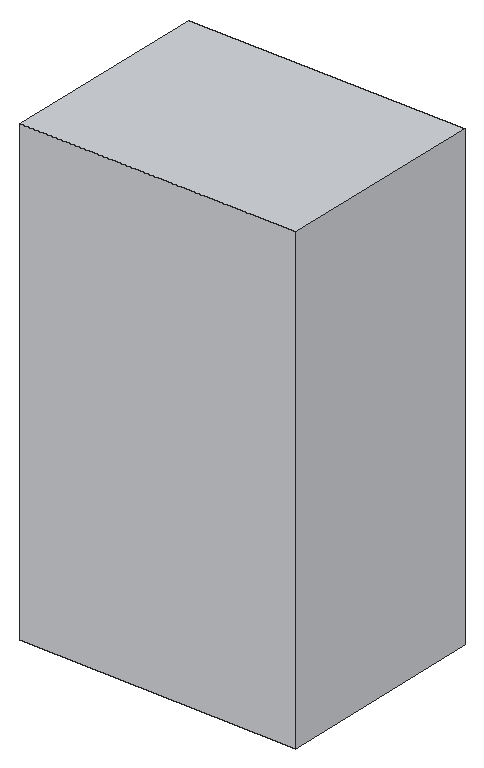
Revit family
Parameters
  Warranty Duration (Years) = 0
  URL = "http://www.americanspecialties.com/viewCategories.cfm"
  Baby Changing Station [instance] = ARCAT - Plastic, ABS - White
  Test Data = ""
  Specification = "http://www.arcat.com/sdspecs/htm/10810asi.htm"
  SpecWizard = ""
  Send Message = "http://www.arcat.com/users.pl?action=UserEmail&company=American%20Specialties,%20Inc.&coid=30448&rep=139&fax=914-476-0688&mf="
  Sales Information = "http://www.americanspecialties.com/contact"
  Revision = "R1_10-2010"
  Product Properties = "http://www.americanspecialties.com/datasheets/9012.pdf"
  Product Data = "http://www.arcat.com/arcatcos/cos30/arc30448.html"
  Model = "As Specified in 10 28 13"
  Manufacturer Website = "http://www.americanspecialties.com/viewCategories.cfm"
  Manufacturer Phone - Toll Free = ""
  Manufacturer Phone = "914-476-9000 "
  Manufacturer Fax = "914-476-0688"
  Manufacturer Address = "441 Saw Mill River Rd., Yonkers, NY 10701"
  Manufacturer = "American Specialties, Inc."
  Maintenance Schedule (Months) = 0
  Keynote = "10 28 13"
  Installation-Fabrication = "http://www.americanspecialties.com/products.cfm"
  Green Building-LEED = ""
  Expected Lifespan (Years) = 0
  Safety Straps [instance] = ARCAT - Plastic, ABS - Black
  Drawn By = "Robert S. Weygant. CSI, CDT, SCIP"  # constant formula
  Description = "Toilet Accessory as Specified in 10 28 13"
  Default Elevation = 4' - 0"
  Copyright = "©Arcat Inc."
  Construction Details = "http://www.arcat.com/green/clients/leed_data_30448.html"
  Building Codes = "http://www.americanspecialties.com/products.cfm"
  Assembly Code = "C1030210"
Reference planes (in)
  plane 1 "Center (Front/Back)": y = -0.29112
  plane 2 "Floor Line": z = 0
  plane 3 "Center (Left/Right)": x = -0.65843
  plane 4: y = 5.95888
  plane 5: y = -13.04112
  plane 6: z = 20.4375
  plane 7: x = -18.65843
  plane 8: x = 17.34157
  plane 9: x = -10.90843
  plane 10: x = 9.59157
Forms (in)
  Extrusion 1, solid
    sketch origin (-2.65843, -11.79112, -6) x (0, 0, -1) y (1, 0, 0)
      loop
        line (-82, 26) -> (-82, -19.34712) -> (-6, -19.34712) -> (-6, 26) -> (-82, 26)
    from 9 to -25.60721
  Extrusion 2, solid, material "ARCAT - Plastic, ABS - White" <- "Baby Changing Station"
    sketch origin (-0.65843, 0, 0) x (0, 1, 0) y (0, 0, 1)
      loop
        circle (-11.29112, 1.5) r 1.5
    from 4.00118 to 8.00118
  Extrusion 3, solid, material "ARCAT - Plastic, ABS - White" <- "Baby Changing Station"
    sketch origin (-0.65843, 0, 0) x (0, 1, 0) y (0, 0, -1)
      loop
        circle (-11.29112, -1.5) r 1.5
    from 4.00118 to 8
  Extrusion 4, solid, material "ARCAT - Plastic, ABS - White" <- "Baby Changing Station"
    sketch origin (0, 0, 0) x (1, 0, 0) y (0, 1, 0)
      loop
        line (-10.90843, 5.45888) -> (-10.90843, -9.38028) -> (-4.40961, -9.38028) -> (-4.40961, -7.04112) -> (3.09274, -7.04112) -> (3.09274, -9.38028) -> (9.59157, -9.38028) -> (9.59157, 5.45888)
        arc (9.59157, 5.45888) -> (9.44512, 5.81244) -> (9.09157, 5.95888) r 0.5
        line (9.09157, 5.95888) -> (5.09157, 5.95888)
        arc (5.09157, 5.95888) -> (-0.65843, 6.67783) -> (-6.40843, 5.95888) r 23.35327
        line (-6.40843, 5.95888) -> (-10.40843, 5.95888)
        arc (-10.40843, 5.95888) -> (-10.76199, 5.81244) -> (-10.90843, 5.45888) r 0.5
      loop
        circle (7.34157, -6.29112) r 0.5
      loop
        circle (-8.65843, -6.29112) r 0.5
      loop
        circle (7.34157, 3.20888) r 0.5
      loop
        circle (-8.65843, 3.20888) r 0.5
    from 0 to 1.25
  Extrusion 5, solid, material "ARCAT - Plastic, ABS - White" <- "Baby Changing Station"
    sketch origin (-0.65843, 0, 0) x (0, 1, 0) y (0, 0, 1)
      loop
        arc (-12.31989, 2.59161) -> (-10.69663, 2.87716) -> (-9.79112, 1.5) r 1.5
        arc (-9.79112, 1.5) -> (-9.79569, 1.38292) -> (-9.80939, 1.26656) r 1.5
        arc (-9.80939, 1.26656) -> (-9.60912, 0.55809) -> (-8.94045, 0.25) r 0.87966
        line (-8.94045, 0.25) -> (-7.04112, 0.25) -> (-7.04112, 1.25) -> (-8.5525, 1.25)
        arc (-8.5525, 1.25) -> (-8.8896, 1.38073) -> (-9.05043, 1.70455) r 0.5
        arc (-9.05043, 1.70455) -> (-10.50002, 3.60634) -> (-12.84316, 3.129) r 2.25
        line (-12.84316, 3.129) -> (-13.66151, 2.31066) -> (-13.66151, 1.25) -> (-12.31989, 2.59161)
    from -3.75118 to 3.75118
  Extrusion 6, solid, material "ARCAT - Plastic, ABS - White" <- "Baby Changing Station"
    sketch origin (0, 0, 1.25) x (1, 0, 0) y (0, 1, 0)
      loop
        line (-6.40843, 5.95888) -> (-6.40843, -0.79112)
        arc (-6.40843, -0.79112) -> (-0.65843, -6.54112) -> (5.09157, -0.79112) r 5.75
        line (5.09157, -0.79112) -> (5.09157, 5.95888)
        arc (5.09157, 5.95888) -> (-0.65843, 6.67783) -> (-6.40843, 5.95888) r 23.35327
    from 0 to 1
  Extrusion 7, solid, material "ARCAT - Plastic, ABS - White" <- "Baby Changing Station"
    sketch origin (-0.65843, -12.79112, -9.79112) x (0, 0, -1) y (0, 1, 0)
      loop
        arc (-9.79658, 18.80959) -> (-11.22711, 20.43613) -> (-12.79112, 18.9375) r 1.5
        line (-12.79112, 18.9375) -> (-12.79112, 1.5)
        arc (-12.79112, 1.5) -> (-12.39164, 0.48076) -> (-11.40599, 0.0044) r 1.5
        line (-11.40599, 0.0044) -> (-9.79658, 18.80959)
    from -18 to 18
  Extrusion 8, solid, material "ARCAT - Plastic, ABS - White" <- "Baby Changing Station"
    sketch origin (-0.65843, -12.79112, -9.79112) x (0, 0, -1) y (0, 1, 0)
      loop
        line (-13.04112, 4) -> (-12.79112, 4) -> (-12.79112, 18.9375)
        arc (-12.79112, 18.9375) -> (-12.6965, 19.46182) -> (-12.42457, 19.91998) r 1.5
        line (-12.42457, 19.91998) -> (-13.04112, 19.30344) -> (-13.04112, 4)
    from -8 to 8.00118
Dimensions and locks (in)
  aligned and locked: plane 4 to Extrusion 4
  aligned and locked: Extrusion 4 to plane 4
  aligned and locked: Extrusion 6 sketch curve to Extrusion 4
  aligned and locked: Extrusion 6 to Extrusion 4
